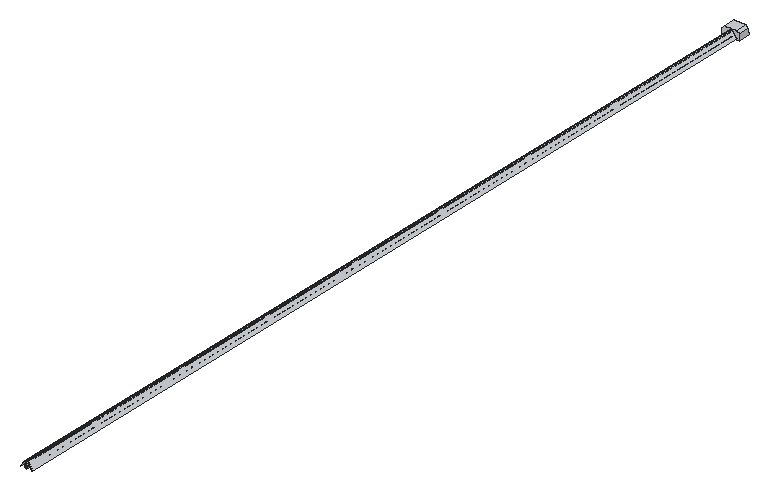
Revit family "V3 Box With 80' Tube Assembly", category Mechanical Equipment, Revit 2012
Parameters (values of type "Infra-Red")
  Weight = ""
  Voltage = 0 V
  URL = "www.DetroitRadiant.com"
  Top Clearance = 0' - 0"
  Stage = ""
  Side Clearances = 0' - 0"
  Recommended Mounting Height = ""
  Material = ""
  Manufacturer = "Detroit Radiant Products Company"
  Length = 0' - 0"
  Heat Gain (Low Fire) = 0.0 Btu/h
  Heat Gain (High Fire) = 0.0 Btu/h
  Gas Type = ""
  Frequency = 0 Hz
  Current = 0 A
  Below Clearance = 0' - 0"
  Back Clearance = 0' - 0"
  Apparent Power = 0 VA
Reference planes (in)
  plane 1 "Center (Front/Back)": y = 0
  plane 2: z = 0
  plane 3 "Center (Left/Right)": x = 0
Forms (in)
  Extrusion 1, solid
    sketch origin (0, 0, 0) x (1, 0, 0) y (0, 0, 1)
      loop
        line (-6.375, 8.625) -> (-9, 6) -> (-9, 0) -> (9.5, 0) -> (9.5, 6) -> (6.875, 8.625) -> (-6.375, 8.625)
    from 12 to 0
  Extrusion 2, solid
    sketch origin (0, -12, -0.80973) x (1, 0, 0) y (0, 0, 1)
      loop
        line (-6.25, 1.1425) -> (-6, 1.1425) -> (-1.00787, 7.21737) -> (0.25, 6.625) -> (1.50787, 7.21737) -> (6.5, 1.1425) -> (6.75, 1.1425) -> (1.54, 7.4825) -> (0.25, 6.875) -> (-1.04, 7.4825) -> (-6.25, 1.1425)
    from 945 to 0
Lines and regions (in)
  model lines
    curve 1: line (-9, 0, 0) -> (9.5, 0, 0)
Dimensions and locks (in)
  aligned and locked: plane 2 to level
Nested families (in)
  nested 1: "70' Tube (Black)" at (13.81098, -267.94423, 0.38558) x (0, 1, 0) z (0, 0, 1), type "10' Burner"
  nested 2: "10' Long Tube" at (13.81098, -151.9375, 0.38558) x (0, 1, 0) z (0, 0, 1), type "10' Burner"
Definition of nested family "70' Tube (Black)"
  Parameters (values of type "10' Burner")
    h = 0.0 Btu/h
    Tube = none
    Reflector = none
    Heating = 50000 VA  # 170607.1 Btu/h
    Hanger = none
  Reference planes (in)
    plane 1 "Center (Front/Back)": y = 0
    plane 2: z = 0
    plane 3 "Center (Left/Right)": x = 0
  Forms (in)
    Extrusion 1, solid, material "Default 3"
      sketch origin (96, 292.12195, 0) x (0, -1, 0) y (0, 0, 1)
        loop
          circle (278.56098, 1.61442) r 2
        loop
          circle (278.56098, 1.61442) r 1.80078
      from 116 to 0
    Extrusion 2, solid, material "Default 3"
      sketch origin (-24, -265, 0) x (0, 1, 0) y (0, 0, 1)
        loop
          circle (278.56098, 1.61442) r 1.60156
        loop
          circle (278.56098, 1.61442) r 1.80078
      from 4 to 0
    Extrusion 3, solid, material "Default 3"
      sketch origin (-20, 292.12195, 0) x (0, -1, 0) y (0, 0, 1)
        loop
          circle (278.56098, 1.61442) r 2
        loop
          circle (278.56098, 1.61442) r 1.80078
      from 116 to 0
    Extrusion 4, solid, material "Default 3"
      sketch origin (-140, -265, 0) x (0, 1, 0) y (0, 0, 1)
        loop
          circle (278.56098, 1.61442) r 1.60156
        loop
          circle (278.56098, 1.61442) r 1.80078
      from 4 to 0
    Extrusion 5, solid, material "Default 3"
      sketch origin (-136, 292.12195, 0) x (0, -1, 0) y (0, 0, 1)
        loop
          circle (278.56098, 1.61442) r 2
        loop
          circle (278.56098, 1.61442) r 1.80078
      from 116 to 0
    Extrusion 6, solid, material "Default 3"
      sketch origin (-256, -264.841, 0) x (0, 1, 0) y (0, 0, 1)
        loop
          circle (278.56098, 1.61442) r 1.60156
        loop
          circle (278.56098, 1.61442) r 1.80078
      from 4 to 0
    Extrusion 7, solid, material "Default 3"
      sketch origin (-252, 292.12195, 0) x (0, -1, 0) y (0, 0, 1)
        loop
          circle (278.56098, 1.61442) r 2
        loop
          circle (278.56098, 1.61442) r 1.80078
      from 116 to 0
    Extrusion 8, solid, material "Default 3"
      sketch origin (-372, -265, 0) x (0, 1, 0) y (0, 0, 1)
        loop
          circle (278.56098, 1.61442) r 1.60156
        loop
          circle (278.56098, 1.61442) r 1.80078
      from 4 to 0
    Extrusion 9, solid, material "Default 3"
      sketch origin (-368, 292.12195, 0) x (0, -1, 0) y (0, 0, 1)
        loop
          circle (278.56098, 1.61442) r 2
        loop
          circle (278.56098, 1.61442) r 1.80078
      from 116 to 0
    Extrusion 10, solid, material "Default 3"
      sketch origin (-488, -265, 0) x (0, 1, 0) y (0, 0, 1)
        loop
          circle (278.56098, 1.61442) r 1.60156
        loop
          circle (278.56098, 1.61442) r 1.80078
      from 4 to 0
    Extrusion 11, solid, material "Default 3"
      sketch origin (-484, 292.12195, 0) x (0, -1, 0) y (0, 0, 1)
        loop
          circle (278.56098, 1.61442) r 2
        loop
          circle (278.56098, 1.61442) r 1.80078
      from 116 to 0
    Extrusion 12, solid, material "Default 3"
      sketch origin (-604.05577, -265, 0) x (0, 1, 0) y (0, 0, 1)
        loop
          circle (278.56098, 1.61442) r 1.60156
        loop
          circle (278.56098, 1.61442) r 1.80078
      from 4 to 0
    Extrusion 13, solid, material "Default 3"
      sketch origin (-600.05577, 292.12195, 0) x (0, -1, 0) y (0, 0, 1)
        loop
          circle (278.56098, 1.61442) r 2
        loop
          circle (278.56098, 1.61442) r 1.80078
      from 85 to 0
    Extrusion 14, solid, material "Default 3"
      sketch origin (-689.05577, -265, 0) x (0, 1, 0) y (0, 0, 1)
        loop
          circle (278.56098, 1.61442) r 1.60156
        loop
          circle (278.56098, 1.61442) r 1.80078
      from 4 to 0
  Lines and regions (in)
    model lines
      curve 1: circle (0, 13.56098, 1.61442) r 1.80078 normal (1, 0, 0)
      curve 2: circle (0, 13.56098, 1.61442) r 1.60156 normal (1, 0, 0)
      curve 3: circle (-133, 13.56098, 1.61442) r 1.80078 normal (1, 0, 0)
      curve 4: circle (-133, 13.56098, 1.61442) r 1.60156 normal (1, 0, 0)
      curve 5: circle (-248.04168, 13.71997, 1.61442) r 1.80078 normal (1, 0, 0)
      curve 6: circle (-248.04168, 13.71997, 1.61442) r 1.60156 normal (1, 0, 0)
      curve 7: circle (-600.05577, 13.56098, 1.48165) r 1.80078 normal (1, 0, 0)
  Dimensions and locks (in)
    aligned and locked: plane 2 to level
Definition of nested family "10' Long Tube"
  Parameters (values of type "Tube")
    h = 0.0 Btu/h
    Tube = none
    Reflector = none
    Heating = 50000 VA  # 170607.1 Btu/h
    Hanger = none
  Types (2): name
    10' Burner
    Tube
  Reference planes (in)
    plane 1 "Center (Front/Back)": y = 0
    plane 2: z = 0
    plane 3 "Center (Left/Right)": x = 0
  Forms (in)
    Extrusion 1, solid, material "Default 3"
      sketch origin (139.9375, 292.12195, 0) x (0, -1, 0) y (0, 0, 1)
        loop
          circle (278.56098, 1.61442) r 2
        loop
          circle (278.56098, 1.61442) r 1.80078
      from 159.9375 to 0
    Extrusion 2, solid, material "Default 3"
      sketch origin (-24, -265, 0) x (0, 1, 0) y (0, 0, 1)
        loop
          circle (278.56098, 1.61442) r 1.60156
        loop
          circle (278.56098, 1.61442) r 1.80078
      from 4 to 0
  Lines and regions (in)
    model lines
      curve 1: circle (0, 13.56098, 1.61442) r 1.80078 normal (1, 0, 0)
      curve 2: circle (0, 13.56098, 1.61442) r 1.60156 normal (1, 0, 0)
  Dimensions and locks (in)
    aligned and locked: plane 2 to level
